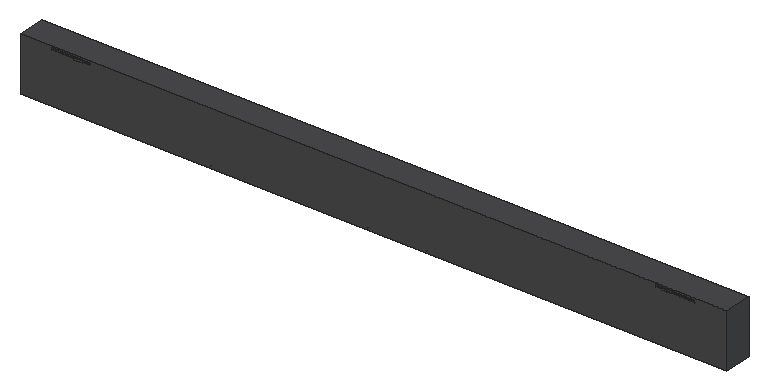
Revit family "DOT BLOCK CEILLING 946_DTSM40W9.1", category Luminarias, Revit 2019
Family settings
  Cota de conector redondo = Diámetro de uso
  Tipo de pieza = Normal
  Se basa en plano de trabajo = Sí
  Siempre vertical = Sí
  Corte con vacíos al cargar = No
  Origen de luz = Sí
  Compartido = No
  Punto de cálculo de habitación = No
Parameters (values of type "DOT BLOCK CEILLING 946_DTSM40W9.1.1535")
  Ángulo de inclinación = 60.00°
  Zone [instance] = ""
  Watt per fixture = 40
  Wattage = 40 W
  built-in parameter 1150107 = 3000 (stored number, unit not read)
  built-in parameter 1150110 = 1 (stored number, unit not read)
  built-in parameter 1150109 = 1 (stored number, unit not read)
  built-in parameter 1150112 = 1 (stored number, unit not read)
  built-in parameter 1150113 = 1 (stored number, unit not read)
  built-in parameter 1114218 = 1 (stored number, unit not read)
  Keynote = ""
  built-in parameter 1150137 = (empty or 0)
  built-in parameter 1150132 = (empty or 0)
  Modelo = "DTSM40W9.1.1535"
  Lámpara = "3030SMD PHILIPS"
  built-in parameter 1150105 = 257.83 (stored number, unit not read)
  built-in parameter 1150102 = (empty or 0)
  built-in parameter 1150106 = 2.5783 (stored number, unit not read)
  Lumens = 3240 lm
  Color Filter = 16777215
  built-in parameter 1114217 = 1 (stored number, unit not read)
  built-in parameter 1150139 = (empty or 0)
  Fabricante = "BRILLANT"
  Default Elevation = 1219.2 mm
  built-in parameter 1150104 = 7.5251 (stored number, unit not read)
  Descripción = "LUMINARIA DOWNLIGHT EN FORMATO RECTANGULAR PARA SOBREPONER DIRECTO EN TECHO, CUERPO DE ALUMINIO ACABADO EN COLOR NEGRO, IP 20, PESO 1.98Kg, TIPO DE LED 3030SMD PHILIPS CON 40W TOTAL, 3150 LUMENES, 81LM/W, IRC 90, TEMPERATURA EN BLANCO CALIDO 3000K, 50 MIL HORAS DE VIDA PROMEDIO, APERTURA ELIPTICA DE 15X35 GRADOS POR PROYECTO, ALIMENTADO A 90-240V"
  built-in parameter 1150115 = 1 (stored number, unit not read)
  built-in parameter 1150114 = 1 (stored number, unit not read)
  Comentarios de vataje = "90-240V"
  built-in parameter 1150138 = (empty or 0)
  built-in parameter 1150134 = (empty or 0)
  Circuit [instance] = ""
  Dimming Lamp Color Temperature Shift = (empty or 0)
  Archivo de red fotométrica = "L964A-40W-830-B-15X35_IESNA95.IES"
  built-in parameter 1150133 = 10 (stored number, unit not read)
Reference planes
  plane 1 "Centro (Frontal/Posterior)": y = 0
  plane 2: z = 0
  plane 3 "Centro (Izquierda/Derecha)": x = 0
Forms (mm)
  Extrusion 1, solid, material "Default Form", not visible
    sketch origin (0, 0, 0) x (1, 0, 0) y (0, 0, 1)
      loop
        line (-473, 0) -> (-473, -72) -> (473, -72) -> (473, 0) -> (-473, 0)
    from -18.326 to 18.326
  Blend 2, void, not visible
    base sketch origin (-293.63, 0, 0) x (1, 0, 0) y (0, 1, 0)
      loop
        line (-162, 16.149) -> (-162, -16.149) -> (-144.14, -16.149) -> (-144.14, 16.149) -> (-162, 16.149)
    top sketch origin (-293.63, 0, 0) x (1, 0, 0) y (0, 1, 0)
      loop
        line (-160, 12.149) -> (-160, -12.149) -> (-146.14, -12.149) -> (-146.14, 12.149) -> (-160, 12.149)
    from -72 to -61.591
  Blend 3, void, not visible
    base sketch origin (-267.33, 0, 0) x (1, 0, 0) y (0, 1, 0)
      loop
        line (-162, 16.149) -> (-162, -16.149) -> (-144.14, -16.149) -> (-144.14, 16.149) -> (-162, 16.149)
    top sketch origin (-267.33, 0, 0) x (1, 0, 0) y (0, 1, 0)
      loop
        line (-160, 12.149) -> (-160, -12.149) -> (-146.14, -12.149) -> (-146.14, 12.149) -> (-160, 12.149)
    from -72 to -61.591
  Blend 4, void, not visible
    base sketch origin (-241.03, 0, 0) x (1, 0, 0) y (0, 1, 0)
      loop
        line (-162, 16.149) -> (-162, -16.149) -> (-144.14, -16.149) -> (-144.14, 16.149) -> (-162, 16.149)
    top sketch origin (-241.03, 0, 0) x (1, 0, 0) y (0, 1, 0)
      loop
        line (-160, 12.149) -> (-160, -12.149) -> (-146.14, -12.149) -> (-146.14, 12.149) -> (-160, 12.149)
    from -72 to -61.591
  Blend 5, void, not visible
    base sketch origin (-214.73, 0, 0) x (1, 0, 0) y (0, 1, 0)
      loop
        line (-162, 16.149) -> (-162, -16.149) -> (-144.14, -16.149) -> (-144.14, 16.149) -> (-162, 16.149)
    top sketch origin (-214.73, 0, 0) x (1, 0, 0) y (0, 1, 0)
      loop
        line (-160, 12.149) -> (-160, -12.149) -> (-146.14, -12.149) -> (-146.14, 12.149) -> (-160, 12.149)
    from -72 to -61.591
  Blend 6, void, not visible
    base sketch origin (-188.43, 0, 0) x (1, 0, 0) y (0, 1, 0)
      loop
        line (-162, 16.149) -> (-162, -16.149) -> (-144.14, -16.149) -> (-144.14, 16.149) -> (-162, 16.149)
    top sketch origin (-188.43, 0, 0) x (1, 0, 0) y (0, 1, 0)
      loop
        line (-160, 12.149) -> (-160, -12.149) -> (-146.14, -12.149) -> (-146.14, 12.149) -> (-160, 12.149)
    from -72 to -61.591
  Blend 7, void, not visible
    base sketch origin (-162.13, 0, 0) x (1, 0, 0) y (0, 1, 0)
      loop
        line (-162, 16.149) -> (-162, -16.149) -> (-144.14, -16.149) -> (-144.14, 16.149) -> (-162, 16.149)
    top sketch origin (-162.13, 0, 0) x (1, 0, 0) y (0, 1, 0)
      loop
        line (-160, 12.149) -> (-160, -12.149) -> (-146.14, -12.149) -> (-146.14, 12.149) -> (-160, 12.149)
    from -72 to -61.591
  Blend 8, void, not visible
    base sketch origin (-135.83, 0, 0) x (1, 0, 0) y (0, 1, 0)
      loop
        line (-162, 16.149) -> (-162, -16.149) -> (-144.14, -16.149) -> (-144.14, 16.149) -> (-162, 16.149)
    top sketch origin (-135.83, 0, 0) x (1, 0, 0) y (0, 1, 0)
      loop
        line (-160, 12.149) -> (-160, -12.149) -> (-146.14, -12.149) -> (-146.14, 12.149) -> (-160, 12.149)
    from -72 to -61.591
  Blend 9, void, not visible
    base sketch origin (-109.53, 0, 0) x (1, 0, 0) y (0, 1, 0)
      loop
        line (-162, 16.149) -> (-162, -16.149) -> (-144.14, -16.149) -> (-144.14, 16.149) -> (-162, 16.149)
    top sketch origin (-109.53, 0, 0) x (1, 0, 0) y (0, 1, 0)
      loop
        line (-160, 12.149) -> (-160, -12.149) -> (-146.14, -12.149) -> (-146.14, 12.149) -> (-160, 12.149)
    from -72 to -61.591
  Blend 10, void, not visible
    base sketch origin (-83.23, 0, 0) x (1, 0, 0) y (0, 1, 0)
      loop
        line (-162, 16.149) -> (-162, -16.149) -> (-144.14, -16.149) -> (-144.14, 16.149) -> (-162, 16.149)
    top sketch origin (-83.23, 0, 0) x (1, 0, 0) y (0, 1, 0)
      loop
        line (-160, 12.149) -> (-160, -12.149) -> (-146.14, -12.149) -> (-146.14, 12.149) -> (-160, 12.149)
    from -72 to -61.591
  Blend 11, void, not visible
    base sketch origin (-56.93, 0, 0) x (1, 0, 0) y (0, 1, 0)
      loop
        line (-162, 16.149) -> (-162, -16.149) -> (-144.14, -16.149) -> (-144.14, 16.149) -> (-162, 16.149)
    top sketch origin (-56.93, 0, 0) x (1, 0, 0) y (0, 1, 0)
      loop
        line (-160, 12.149) -> (-160, -12.149) -> (-146.14, -12.149) -> (-146.14, 12.149) -> (-160, 12.149)
    from -72 to -61.591
  Blend 12, void, not visible
    base sketch origin (-30.63, 0, 0) x (1, 0, 0) y (0, 1, 0)
      loop
        line (-162, 16.149) -> (-162, -16.149) -> (-144.14, -16.149) -> (-144.14, 16.149) -> (-162, 16.149)
    top sketch origin (-30.63, 0, 0) x (1, 0, 0) y (0, 1, 0)
      loop
        line (-160, 12.149) -> (-160, -12.149) -> (-146.14, -12.149) -> (-146.14, 12.149) -> (-160, 12.149)
    from -72 to -61.591
  Blend 13, void, not visible
    base sketch origin (-4.33, 0, 0) x (1, 0, 0) y (0, 1, 0)
      loop
        line (-162, 16.149) -> (-162, -16.149) -> (-144.14, -16.149) -> (-144.14, 16.149) -> (-162, 16.149)
    top sketch origin (-4.33, 0, 0) x (1, 0, 0) y (0, 1, 0)
      loop
        line (-160, 12.149) -> (-160, -12.149) -> (-146.14, -12.149) -> (-146.14, 12.149) -> (-160, 12.149)
    from -72 to -61.591
  Blend 14, void, not visible
    base sketch origin (21.97, 0, 0) x (1, 0, 0) y (0, 1, 0)
      loop
        line (-162, 16.149) -> (-162, -16.149) -> (-144.14, -16.149) -> (-144.14, 16.149) -> (-162, 16.149)
    top sketch origin (21.97, 0, 0) x (1, 0, 0) y (0, 1, 0)
      loop
        line (-160, 12.149) -> (-160, -12.149) -> (-146.14, -12.149) -> (-146.14, 12.149) -> (-160, 12.149)
    from -72 to -61.591
  Blend 15, void, not visible
    base sketch origin (48.27, 0, 0) x (1, 0, 0) y (0, 1, 0)
      loop
        line (-162, 16.149) -> (-162, -16.149) -> (-144.14, -16.149) -> (-144.14, 16.149) -> (-162, 16.149)
    top sketch origin (48.27, 0, 0) x (1, 0, 0) y (0, 1, 0)
      loop
        line (-160, 12.149) -> (-160, -12.149) -> (-146.14, -12.149) -> (-146.14, 12.149) -> (-160, 12.149)
    from -72 to -61.591
  Blend 16, void, not visible
    base sketch origin (74.57, 0, 0) x (1, 0, 0) y (0, 1, 0)
      loop
        line (-162, 16.149) -> (-162, -16.149) -> (-144.14, -16.149) -> (-144.14, 16.149) -> (-162, 16.149)
    top sketch origin (74.57, 0, 0) x (1, 0, 0) y (0, 1, 0)
      loop
        line (-160, 12.149) -> (-160, -12.149) -> (-146.14, -12.149) -> (-146.14, 12.149) -> (-160, 12.149)
    from -72 to -61.591
  Blend 17, void, not visible
    base sketch origin (100.87, 0, 0) x (1, 0, 0) y (0, 1, 0)
      loop
        line (-162, 16.149) -> (-162, -16.149) -> (-144.14, -16.149) -> (-144.14, 16.149) -> (-162, 16.149)
    top sketch origin (100.87, 0, 0) x (1, 0, 0) y (0, 1, 0)
      loop
        line (-160, 12.149) -> (-160, -12.149) -> (-146.14, -12.149) -> (-146.14, 12.149) -> (-160, 12.149)
    from -72 to -61.591
  Blend 18, void, not visible
    base sketch origin (127.17, 0, 0) x (1, 0, 0) y (0, 1, 0)
      loop
        line (-162, 16.149) -> (-162, -16.149) -> (-144.14, -16.149) -> (-144.14, 16.149) -> (-162, 16.149)
    top sketch origin (127.17, 0, 0) x (1, 0, 0) y (0, 1, 0)
      loop
        line (-160, 12.149) -> (-160, -12.149) -> (-146.14, -12.149) -> (-146.14, 12.149) -> (-160, 12.149)
    from -72 to -61.591
  Blend 19, void, not visible
    base sketch origin (153.47, 0, 0) x (1, 0, 0) y (0, 1, 0)
      loop
        line (-162, 16.149) -> (-162, -16.149) -> (-144.14, -16.149) -> (-144.14, 16.149) -> (-162, 16.149)
    top sketch origin (153.47, 0, 0) x (1, 0, 0) y (0, 1, 0)
      loop
        line (-160, 12.149) -> (-160, -12.149) -> (-146.14, -12.149) -> (-146.14, 12.149) -> (-160, 12.149)
    from -72 to -61.591
  Blend 20, void, not visible
    base sketch origin (179.77, 0, 0) x (1, 0, 0) y (0, 1, 0)
      loop
        line (-162, 16.149) -> (-162, -16.149) -> (-144.14, -16.149) -> (-144.14, 16.149) -> (-162, 16.149)
    top sketch origin (179.77, 0, 0) x (1, 0, 0) y (0, 1, 0)
      loop
        line (-160, 12.149) -> (-160, -12.149) -> (-146.14, -12.149) -> (-146.14, 12.149) -> (-160, 12.149)
    from -72 to -61.591
  Blend 21, void, not visible
    base sketch origin (206.07, 0, 0) x (1, 0, 0) y (0, 1, 0)
      loop
        line (-162, 16.149) -> (-162, -16.149) -> (-144.14, -16.149) -> (-144.14, 16.149) -> (-162, 16.149)
    top sketch origin (206.07, 0, 0) x (1, 0, 0) y (0, 1, 0)
      loop
        line (-160, 12.149) -> (-160, -12.149) -> (-146.14, -12.149) -> (-146.14, 12.149) -> (-160, 12.149)
    from -72 to -61.591
  Blend 22, void, not visible
    base sketch origin (232.37, 0, 0) x (1, 0, 0) y (0, 1, 0)
      loop
        line (-162, 16.149) -> (-162, -16.149) -> (-144.14, -16.149) -> (-144.14, 16.149) -> (-162, 16.149)
    top sketch origin (232.37, 0, 0) x (1, 0, 0) y (0, 1, 0)
      loop
        line (-160, 12.149) -> (-160, -12.149) -> (-146.14, -12.149) -> (-146.14, 12.149) -> (-160, 12.149)
    from -72 to -61.591
  Blend 23, void, not visible
    base sketch origin (258.67, 0, 0) x (1, 0, 0) y (0, 1, 0)
      loop
        line (-162, 16.149) -> (-162, -16.149) -> (-144.14, -16.149) -> (-144.14, 16.149) -> (-162, 16.149)
    top sketch origin (258.67, 0, 0) x (1, 0, 0) y (0, 1, 0)
      loop
        line (-160, 12.149) -> (-160, -12.149) -> (-146.14, -12.149) -> (-146.14, 12.149) -> (-160, 12.149)
    from -72 to -61.591
  Blend 24, void, not visible
    base sketch origin (284.97, 0, 0) x (1, 0, 0) y (0, 1, 0)
      loop
        line (-162, 16.149) -> (-162, -16.149) -> (-144.14, -16.149) -> (-144.14, 16.149) -> (-162, 16.149)
    top sketch origin (284.97, 0, 0) x (1, 0, 0) y (0, 1, 0)
      loop
        line (-160, 12.149) -> (-160, -12.149) -> (-146.14, -12.149) -> (-146.14, 12.149) -> (-160, 12.149)
    from -72 to -61.591
  Blend 25, void, not visible
    base sketch origin (311.27, 0, 0) x (1, 0, 0) y (0, 1, 0)
      loop
        line (-162, 16.149) -> (-162, -16.149) -> (-144.14, -16.149) -> (-144.14, 16.149) -> (-162, 16.149)
    top sketch origin (311.27, 0, 0) x (1, 0, 0) y (0, 1, 0)
      loop
        line (-160, 12.149) -> (-160, -12.149) -> (-146.14, -12.149) -> (-146.14, 12.149) -> (-160, 12.149)
    from -72 to -61.591
  Blend 26, void, not visible
    base sketch origin (337.57, 0, 0) x (1, 0, 0) y (0, 1, 0)
      loop
        line (-162, 16.149) -> (-162, -16.149) -> (-144.14, -16.149) -> (-144.14, 16.149) -> (-162, 16.149)
    top sketch origin (337.57, 0, 0) x (1, 0, 0) y (0, 1, 0)
      loop
        line (-160, 12.149) -> (-160, -12.149) -> (-146.14, -12.149) -> (-146.14, 12.149) -> (-160, 12.149)
    from -72 to -61.591
  Blend 27, void, not visible
    base sketch origin (363.87, 0, 0) x (1, 0, 0) y (0, 1, 0)
      loop
        line (-162, 16.149) -> (-162, -16.149) -> (-144.14, -16.149) -> (-144.14, 16.149) -> (-162, 16.149)
    top sketch origin (363.87, 0, 0) x (1, 0, 0) y (0, 1, 0)
      loop
        line (-160, 12.149) -> (-160, -12.149) -> (-146.14, -12.149) -> (-146.14, 12.149) -> (-160, 12.149)
    from -72 to -61.591
  Blend 28, void, not visible
    base sketch origin (390.17, 0, 0) x (1, 0, 0) y (0, 1, 0)
      loop
        line (-162, 16.149) -> (-162, -16.149) -> (-144.14, -16.149) -> (-144.14, 16.149) -> (-162, 16.149)
    top sketch origin (390.17, 0, 0) x (1, 0, 0) y (0, 1, 0)
      loop
        line (-160, 12.149) -> (-160, -12.149) -> (-146.14, -12.149) -> (-146.14, 12.149) -> (-160, 12.149)
    from -72 to -61.591
  Blend 29, void, not visible
    base sketch origin (416.47, 0, 0) x (1, 0, 0) y (0, 1, 0)
      loop
        line (-162, 16.149) -> (-162, -16.149) -> (-144.14, -16.149) -> (-144.14, 16.149) -> (-162, 16.149)
    top sketch origin (416.47, 0, 0) x (1, 0, 0) y (0, 1, 0)
      loop
        line (-160, 12.149) -> (-160, -12.149) -> (-146.14, -12.149) -> (-146.14, 12.149) -> (-160, 12.149)
    from -72 to -61.591
  Blend 30, void, not visible
    base sketch origin (442.77, 0, 0) x (1, 0, 0) y (0, 1, 0)
      loop
        line (-162, 16.149) -> (-162, -16.149) -> (-144.14, -16.149) -> (-144.14, 16.149) -> (-162, 16.149)
    top sketch origin (442.77, 0, 0) x (1, 0, 0) y (0, 1, 0)
      loop
        line (-160, 12.149) -> (-160, -12.149) -> (-146.14, -12.149) -> (-146.14, 12.149) -> (-160, 12.149)
    from -72 to -61.591
  Blend 31, void, not visible
    base sketch origin (469.07, 0, 0) x (1, 0, 0) y (0, 1, 0)
      loop
        line (-162, 16.149) -> (-162, -16.149) -> (-144.14, -16.149) -> (-144.14, 16.149) -> (-162, 16.149)
    top sketch origin (469.07, 0, 0) x (1, 0, 0) y (0, 1, 0)
      loop
        line (-160, 12.149) -> (-160, -12.149) -> (-146.14, -12.149) -> (-146.14, 12.149) -> (-160, 12.149)
    from -72 to -61.591
  Blend 32, void, not visible
    base sketch origin (495.37, 0, 0) x (1, 0, 0) y (0, 1, 0)
      loop
        line (-162, 16.149) -> (-162, -16.149) -> (-144.14, -16.149) -> (-144.14, 16.149) -> (-162, 16.149)
    top sketch origin (495.37, 0, 0) x (1, 0, 0) y (0, 1, 0)
      loop
        line (-160, 12.149) -> (-160, -12.149) -> (-146.14, -12.149) -> (-146.14, 12.149) -> (-160, 12.149)
    from -72 to -61.591
  Blend 33, void, not visible
    base sketch origin (521.67, 0, 0) x (1, 0, 0) y (0, 1, 0)
      loop
        line (-162, 16.149) -> (-162, -16.149) -> (-144.14, -16.149) -> (-144.14, 16.149) -> (-162, 16.149)
    top sketch origin (521.67, 0, 0) x (1, 0, 0) y (0, 1, 0)
      loop
        line (-160, 12.149) -> (-160, -12.149) -> (-146.14, -12.149) -> (-146.14, 12.149) -> (-160, 12.149)
    from -72 to -61.591
  Blend 34, void, not visible
    base sketch origin (547.97, 0, 0) x (1, 0, 0) y (0, 1, 0)
      loop
        line (-162, 16.149) -> (-162, -16.149) -> (-144.14, -16.149) -> (-144.14, 16.149) -> (-162, 16.149)
    top sketch origin (547.97, 0, 0) x (1, 0, 0) y (0, 1, 0)
      loop
        line (-160, 12.149) -> (-160, -12.149) -> (-146.14, -12.149) -> (-146.14, 12.149) -> (-160, 12.149)
    from -72 to -61.591
  Blend 35, void, not visible
    base sketch origin (574.27, 0, 0) x (1, 0, 0) y (0, 1, 0)
      loop
        line (-162, 16.149) -> (-162, -16.149) -> (-144.14, -16.149) -> (-144.14, 16.149) -> (-162, 16.149)
    top sketch origin (574.27, 0, 0) x (1, 0, 0) y (0, 1, 0)
      loop
        line (-160, 12.149) -> (-160, -12.149) -> (-146.14, -12.149) -> (-146.14, 12.149) -> (-160, 12.149)
    from -72 to -61.591
  Blend 36, void, not visible
    base sketch origin (600.57, 0, 0) x (1, 0, 0) y (0, 1, 0)
      loop
        line (-162, 16.149) -> (-162, -16.149) -> (-144.14, -16.149) -> (-144.14, 16.149) -> (-162, 16.149)
    top sketch origin (600.57, 0, 0) x (1, 0, 0) y (0, 1, 0)
      loop
        line (-160, 12.149) -> (-160, -12.149) -> (-146.14, -12.149) -> (-146.14, 12.149) -> (-160, 12.149)
    from -72 to -61.591
  Extrusion 37, solid, not visible
    sketch origin (-463.861, 0, 3.217) x (0, -1, 0) y (0, 0, -1)
      loop
        line (18.326, 3.217) -> (-18.326, 3.217) -> (-18.326, 73.917) -> (-32.183, 73.917) -> (-32.183, 72.617) -> (-19.626, 72.617) -> (-19.626, 1.917) -> (19.626, 1.917) -> (19.626, 72.617) -> (32.183, 72.617) -> (32.183, 73.917) -> (18.326, 73.917) -> (18.326, 3.217)
    from 89.098 to 128.24
  Extrusion 38, solid, not visible
    sketch origin (-246.523, 0, 3.217) x (0, -1, 0) y (0, 0, 1)
      loop
        line (-19.626, -1.917) -> (19.626, -1.917) -> (19.626, -63.89) -> (20.426, -63.89) -> (20.426, -1.117) -> (-20.426, -1.117) -> (-20.426, -63.89) -> (-19.626, -63.89) -> (-19.626, -1.917)
    from 122.954 to 124.098
  Extrusion 39, solid, not visible
    sketch origin (-463.861, 0, 3.217) x (0, -1, 0) y (0, 0, -1)
      loop
        line (-19.626, 1.917) -> (-19.626, 63.89) -> (-20.426, 63.89) -> (-20.426, 1.117) -> (20.426, 1.117) -> (20.426, 63.89) -> (19.626, 63.89) -> (19.626, 1.917) -> (-19.626, 1.917)
    from 122.954 to 124.098
  Extrusion 40, void, not visible
    sketch origin (0, 0, 0) x (1, 0, 0) y (0, 1, 0)
      loop
        circle (-363.799, -25.904) r 2.055
      loop
        circle (-346.585, -25.904) r 2.055
      loop
        circle (-363.799, 25.904) r 2.055
      loop
        circle (-346.585, 25.904) r 2.055
    from -70.7 to -69.4
  Blend 41, void
    base sketch origin (74.57, 130.851, 72) x (1, 0, 0) y (0, 1, 0)
      loop
        line (-162, -147) -> (-144.14, -147) -> (-144.14, -114.702) -> (-162, -114.702) -> (-162, -147)
    top sketch origin (74.57, 130.851, 72) x (1, 0, 0) y (0, 1, 0)
      loop
        line (-160, -143) -> (-146.14, -143) -> (-146.14, -118.702) -> (-160, -118.702) -> (-160, -143)
    from -72 to -61.591
  Blend 42, void
    base sketch origin (100.87, 130.851, 72) x (1, 0, 0) y (0, 1, 0)
      loop
        line (-162, -147) -> (-144.14, -147) -> (-144.14, -114.702) -> (-162, -114.702) -> (-162, -147)
    top sketch origin (100.87, 130.851, 72) x (1, 0, 0) y (0, 1, 0)
      loop
        line (-160, -143) -> (-146.14, -143) -> (-146.14, -118.702) -> (-160, -118.702) -> (-160, -143)
    from -72 to -61.591
  Blend 43, void
    base sketch origin (127.17, 130.851, 72) x (1, 0, 0) y (0, 1, 0)
      loop
        line (-162, -147) -> (-144.14, -147) -> (-144.14, -114.702) -> (-162, -114.702) -> (-162, -147)
    top sketch origin (127.17, 130.851, 72) x (1, 0, 0) y (0, 1, 0)
      loop
        line (-160, -143) -> (-146.14, -143) -> (-146.14, -118.702) -> (-160, -118.702) -> (-160, -143)
    from -72 to -61.591
  Blend 44, void
    base sketch origin (153.47, 130.851, 72) x (1, 0, 0) y (0, 1, 0)
      loop
        line (-162, -147) -> (-144.14, -147) -> (-144.14, -114.702) -> (-162, -114.702) -> (-162, -147)
    top sketch origin (153.47, 130.851, 72) x (1, 0, 0) y (0, 1, 0)
      loop
        line (-160, -143) -> (-146.14, -143) -> (-146.14, -118.702) -> (-160, -118.702) -> (-160, -143)
    from -72 to -61.591
  Blend 45, void
    base sketch origin (179.77, 130.851, 72) x (1, 0, 0) y (0, 1, 0)
      loop
        line (-162, -147) -> (-144.14, -147) -> (-144.14, -114.702) -> (-162, -114.702) -> (-162, -147)
    top sketch origin (179.77, 130.851, 72) x (1, 0, 0) y (0, 1, 0)
      loop
        line (-160, -143) -> (-146.14, -143) -> (-146.14, -118.702) -> (-160, -118.702) -> (-160, -143)
    from -72 to -61.591
  Blend 46, void
    base sketch origin (206.07, 130.851, 72) x (1, 0, 0) y (0, 1, 0)
      loop
        line (-162, -147) -> (-144.14, -147) -> (-144.14, -114.702) -> (-162, -114.702) -> (-162, -147)
    top sketch origin (206.07, 130.851, 72) x (1, 0, 0) y (0, 1, 0)
      loop
        line (-160, -143) -> (-146.14, -143) -> (-146.14, -118.702) -> (-160, -118.702) -> (-160, -143)
    from -72 to -61.591
  Blend 47, void
    base sketch origin (232.37, 130.851, 72) x (1, 0, 0) y (0, 1, 0)
      loop
        line (-162, -147) -> (-144.14, -147) -> (-144.14, -114.702) -> (-162, -114.702) -> (-162, -147)
    top sketch origin (232.37, 130.851, 72) x (1, 0, 0) y (0, 1, 0)
      loop
        line (-160, -143) -> (-146.14, -143) -> (-146.14, -118.702) -> (-160, -118.702) -> (-160, -143)
    from -72 to -61.591
  Extrusion 48, solid, material "Default Form"
    sketch origin (0, 0, 72) x (1, 0, 0) y (0, 0, -1)
      loop
        line (-473, 0) -> (473, 0) -> (473, 72) -> (-473, 72) -> (-473, 0)
    from -18.326 to 18.326
  Blend 49, void
    base sketch origin (258.67, 130.851, 72) x (1, 0, 0) y (0, 1, 0)
      loop
        line (-162, -147) -> (-144.14, -147) -> (-144.14, -114.702) -> (-162, -114.702) -> (-162, -147)
    top sketch origin (258.67, 130.851, 72) x (1, 0, 0) y (0, 1, 0)
      loop
        line (-160, -143) -> (-146.14, -143) -> (-146.14, -118.702) -> (-160, -118.702) -> (-160, -143)
    from -72 to -61.591
  Blend 50, void
    base sketch origin (284.97, 130.851, 72) x (1, 0, 0) y (0, 1, 0)
      loop
        line (-162, -147) -> (-144.14, -147) -> (-144.14, -114.702) -> (-162, -114.702) -> (-162, -147)
    top sketch origin (284.97, 130.851, 72) x (1, 0, 0) y (0, 1, 0)
      loop
        line (-160, -143) -> (-146.14, -143) -> (-146.14, -118.702) -> (-160, -118.702) -> (-160, -143)
    from -72 to -61.591
  Blend 51, void
    base sketch origin (21.97, 130.851, 72) x (1, 0, 0) y (0, 1, 0)
      loop
        line (-162, -147) -> (-144.14, -147) -> (-144.14, -114.702) -> (-162, -114.702) -> (-162, -147)
    top sketch origin (21.97, 130.851, 72) x (1, 0, 0) y (0, 1, 0)
      loop
        line (-160, -143) -> (-146.14, -143) -> (-146.14, -118.702) -> (-160, -118.702) -> (-160, -143)
    from -72 to -61.591
  Blend 52, void
    base sketch origin (48.27, 130.851, 72) x (1, 0, 0) y (0, 1, 0)
      loop
        line (-162, -147) -> (-144.14, -147) -> (-144.14, -114.702) -> (-162, -114.702) -> (-162, -147)
    top sketch origin (48.27, 130.851, 72) x (1, 0, 0) y (0, 1, 0)
      loop
        line (-160, -143) -> (-146.14, -143) -> (-146.14, -118.702) -> (-160, -118.702) -> (-160, -143)
    from -72 to -61.591
  Extrusion 53, void
    sketch origin (-308.75, 0, 0) x (1, 0, 0) y (0, 1, 0)
      loop
        line (-122.17, -18.326) -> (-69.57, -18.326) -> (-69.57, -16.149) -> (-122.17, -16.149) -> (-122.17, -18.326)
      loop
        line (-122.17, 18.326) -> (-122.17, 16.149) -> (-69.57, 16.149) -> (-69.57, 18.326) -> (-122.17, 18.326)
    from 66.852 to 70.535
  Extrusion 54, solid, material "Default Form"
    sketch origin (-25, 0, 0) x (1, 0, 0) y (0, 1, 0)
      loop
        line (-362.305, -16.149) -> (-363.639, -16.149) -> (-363.639, -18.326) -> (-374.139, -18.326) -> (-374.139, -20.238) -> (-362.305, -20.238) -> (-362.305, -16.149)
      loop
        line (-362.305, 16.149) -> (-362.305, 20.238) -> (-374.139, 20.238) -> (-374.139, 18.326) -> (-363.639, 18.326) -> (-363.639, 16.149) -> (-362.305, 16.149)
      loop
        line (412.305, -16.149) -> (412.305, -20.238) -> (424.139, -20.238) -> (424.139, -18.326) -> (413.639, -18.326) -> (413.639, -16.149) -> (412.305, -16.149)
      loop
        line (412.305, 16.149) -> (413.639, 16.149) -> (413.639, 18.326) -> (424.139, 18.326) -> (424.139, 20.238) -> (412.305, 20.238) -> (412.305, 16.149)
    from 67.466 to 69.773
  Extrusion 55, void
    sketch origin (308.75, 0, 0) x (-1, 0, 0) y (0, -1, 0)
      loop
        line (-122.17, 18.326) -> (-122.17, 16.149) -> (-69.57, 16.149) -> (-69.57, 18.326) -> (-122.17, 18.326)
      loop
        line (-122.17, -18.326) -> (-69.57, -18.326) -> (-69.57, -16.149) -> (-122.17, -16.149) -> (-122.17, -18.326)
    from 66.852 to 70.535
  Blend 56, void
    base sketch origin (-56.93, 130.851, 72) x (1, 0, 0) y (0, 1, 0)
      loop
        line (-162, -147) -> (-144.14, -147) -> (-144.14, -114.702) -> (-162, -114.702) -> (-162, -147)
    top sketch origin (-56.93, 130.851, 72) x (1, 0, 0) y (0, 1, 0)
      loop
        line (-160, -143) -> (-146.14, -143) -> (-146.14, -118.702) -> (-160, -118.702) -> (-160, -143)
    from -72 to -61.591
  Blend 57, void
    base sketch origin (-30.63, 130.851, 72) x (1, 0, 0) y (0, 1, 0)
      loop
        line (-162, -147) -> (-144.14, -147) -> (-144.14, -114.702) -> (-162, -114.702) -> (-162, -147)
    top sketch origin (-30.63, 130.851, 72) x (1, 0, 0) y (0, 1, 0)
      loop
        line (-160, -143) -> (-146.14, -143) -> (-146.14, -118.702) -> (-160, -118.702) -> (-160, -143)
    from -72 to -61.591
  Blend 58, void
    base sketch origin (-4.33, 130.851, 72) x (1, 0, 0) y (0, 1, 0)
      loop
        line (-162, -147) -> (-144.14, -147) -> (-144.14, -114.702) -> (-162, -114.702) -> (-162, -147)
    top sketch origin (-4.33, 130.851, 72) x (1, 0, 0) y (0, 1, 0)
      loop
        line (-160, -143) -> (-146.14, -143) -> (-146.14, -118.702) -> (-160, -118.702) -> (-160, -143)
    from -72 to -61.591
  Blend 59, void
    base sketch origin (-109.53, 130.851, 72) x (1, 0, 0) y (0, 1, 0)
      loop
        line (-162, -147) -> (-144.14, -147) -> (-144.14, -114.702) -> (-162, -114.702) -> (-162, -147)
    top sketch origin (-109.53, 130.851, 72) x (1, 0, 0) y (0, 1, 0)
      loop
        line (-160, -143) -> (-146.14, -143) -> (-146.14, -118.702) -> (-160, -118.702) -> (-160, -143)
    from -72 to -61.591
  Blend 60, void
    base sketch origin (-83.23, 130.851, 72) x (1, 0, 0) y (0, 1, 0)
      loop
        line (-162, -147) -> (-144.14, -147) -> (-144.14, -114.702) -> (-162, -114.702) -> (-162, -147)
    top sketch origin (-83.23, 130.851, 72) x (1, 0, 0) y (0, 1, 0)
      loop
        line (-160, -143) -> (-146.14, -143) -> (-146.14, -118.702) -> (-160, -118.702) -> (-160, -143)
    from -72 to -61.591
  Blend 61, void
    base sketch origin (-135.83, 130.851, 72) x (1, 0, 0) y (0, 1, 0)
      loop
        line (-162, -147) -> (-144.14, -147) -> (-144.14, -114.702) -> (-162, -114.702) -> (-162, -147)
    top sketch origin (-135.83, 130.851, 72) x (1, 0, 0) y (0, 1, 0)
      loop
        line (-160, -143) -> (-146.14, -143) -> (-146.14, -118.702) -> (-160, -118.702) -> (-160, -143)
    from -72 to -61.591
  Blend 62, void
    base sketch origin (-188.43, 130.851, 72) x (1, 0, 0) y (0, 1, 0)
      loop
        line (-162, -147) -> (-144.14, -147) -> (-144.14, -114.702) -> (-162, -114.702) -> (-162, -147)
    top sketch origin (-188.43, 130.851, 72) x (1, 0, 0) y (0, 1, 0)
      loop
        line (-160, -143) -> (-146.14, -143) -> (-146.14, -118.702) -> (-160, -118.702) -> (-160, -143)
    from -72 to -61.591
  Blend 63, void
    base sketch origin (-162.13, 130.851, 72) x (1, 0, 0) y (0, 1, 0)
      loop
        line (-162, -147) -> (-144.14, -147) -> (-144.14, -114.702) -> (-162, -114.702) -> (-162, -147)
    top sketch origin (-162.13, 130.851, 72) x (1, 0, 0) y (0, 1, 0)
      loop
        line (-160, -143) -> (-146.14, -143) -> (-146.14, -118.702) -> (-160, -118.702) -> (-160, -143)
    from -72 to -61.591
  Blend 64, void
    base sketch origin (311.27, 130.851, 72) x (1, 0, 0) y (0, 1, 0)
      loop
        line (-162, -147) -> (-144.14, -147) -> (-144.14, -114.702) -> (-162, -114.702) -> (-162, -147)
    top sketch origin (311.27, 130.851, 72) x (1, 0, 0) y (0, 1, 0)
      loop
        line (-160, -143) -> (-146.14, -143) -> (-146.14, -118.702) -> (-160, -118.702) -> (-160, -143)
    from -72 to -61.591
  Blend 65, void
    base sketch origin (337.57, 130.851, 72) x (1, 0, 0) y (0, 1, 0)
      loop
        line (-162, -147) -> (-144.14, -147) -> (-144.14, -114.702) -> (-162, -114.702) -> (-162, -147)
    top sketch origin (337.57, 130.851, 72) x (1, 0, 0) y (0, 1, 0)
      loop
        line (-160, -143) -> (-146.14, -143) -> (-146.14, -118.702) -> (-160, -118.702) -> (-160, -143)
    from -72 to -61.591
  Blend 66, void
    base sketch origin (363.87, 130.851, 72) x (1, 0, 0) y (0, 1, 0)
      loop
        line (-162, -147) -> (-144.14, -147) -> (-144.14, -114.702) -> (-162, -114.702) -> (-162, -147)
    top sketch origin (363.87, 130.851, 72) x (1, 0, 0) y (0, 1, 0)
      loop
        line (-160, -143) -> (-146.14, -143) -> (-146.14, -118.702) -> (-160, -118.702) -> (-160, -143)
    from -72 to -61.591
  Blend 67, void
    base sketch origin (390.17, 130.851, 72) x (1, 0, 0) y (0, 1, 0)
      loop
        line (-162, -147) -> (-144.14, -147) -> (-144.14, -114.702) -> (-162, -114.702) -> (-162, -147)
    top sketch origin (390.17, 130.851, 72) x (1, 0, 0) y (0, 1, 0)
      loop
        line (-160, -143) -> (-146.14, -143) -> (-146.14, -118.702) -> (-160, -118.702) -> (-160, -143)
    from -72 to -61.591
  Blend 68, void
    base sketch origin (416.47, 130.851, 72) x (1, 0, 0) y (0, 1, 0)
      loop
        line (-162, -147) -> (-144.14, -147) -> (-144.14, -114.702) -> (-162, -114.702) -> (-162, -147)
    top sketch origin (416.47, 130.851, 72) x (1, 0, 0) y (0, 1, 0)
      loop
        line (-160, -143) -> (-146.14, -143) -> (-146.14, -118.702) -> (-160, -118.702) -> (-160, -143)
    from -72 to -61.591
  Blend 69, void
    base sketch origin (442.77, 130.851, 72) x (1, 0, 0) y (0, 1, 0)
      loop
        line (-162, -147) -> (-144.14, -147) -> (-144.14, -114.702) -> (-162, -114.702) -> (-162, -147)
    top sketch origin (442.77, 130.851, 72) x (1, 0, 0) y (0, 1, 0)
      loop
        line (-160, -143) -> (-146.14, -143) -> (-146.14, -118.702) -> (-160, -118.702) -> (-160, -143)
    from -72 to -61.591
  Blend 70, void
    base sketch origin (469.07, 130.851, 72) x (1, 0, 0) y (0, 1, 0)
      loop
        line (-162, -147) -> (-144.14, -147) -> (-144.14, -114.702) -> (-162, -114.702) -> (-162, -147)
    top sketch origin (469.07, 130.851, 72) x (1, 0, 0) y (0, 1, 0)
      loop
        line (-160, -143) -> (-146.14, -143) -> (-146.14, -118.702) -> (-160, -118.702) -> (-160, -143)
    from -72 to -61.591
  Blend 71, void
    base sketch origin (495.37, 130.851, 72) x (1, 0, 0) y (0, 1, 0)
      loop
        line (-162, -147) -> (-144.14, -147) -> (-144.14, -114.702) -> (-162, -114.702) -> (-162, -147)
    top sketch origin (495.37, 130.851, 72) x (1, 0, 0) y (0, 1, 0)
      loop
        line (-160, -143) -> (-146.14, -143) -> (-146.14, -118.702) -> (-160, -118.702) -> (-160, -143)
    from -72 to -61.591
  Blend 72, void
    base sketch origin (-214.73, 130.851, 72) x (1, 0, 0) y (0, 1, 0)
      loop
        line (-162, -147) -> (-144.14, -147) -> (-144.14, -114.702) -> (-162, -114.702) -> (-162, -147)
    top sketch origin (-214.73, 130.851, 72) x (1, 0, 0) y (0, 1, 0)
      loop
        line (-160, -143) -> (-146.14, -143) -> (-146.14, -118.702) -> (-160, -118.702) -> (-160, -143)
    from -72 to -61.591
  Blend 73, void
    base sketch origin (-267.33, 130.851, 72) x (1, 0, 0) y (0, 1, 0)
      loop
        line (-162, -147) -> (-144.14, -147) -> (-144.14, -114.702) -> (-162, -114.702) -> (-162, -147)
    top sketch origin (-267.33, 130.851, 72) x (1, 0, 0) y (0, 1, 0)
      loop
        line (-160, -143) -> (-146.14, -143) -> (-146.14, -118.702) -> (-160, -118.702) -> (-160, -143)
    from -72 to -61.591
  Blend 74, void
    base sketch origin (-241.03, 130.851, 72) x (1, 0, 0) y (0, 1, 0)
      loop
        line (-162, -147) -> (-144.14, -147) -> (-144.14, -114.702) -> (-162, -114.702) -> (-162, -147)
    top sketch origin (-241.03, 130.851, 72) x (1, 0, 0) y (0, 1, 0)
      loop
        line (-160, -143) -> (-146.14, -143) -> (-146.14, -118.702) -> (-160, -118.702) -> (-160, -143)
    from -72 to -61.591
  Blend 75, void
    base sketch origin (-293.63, 130.851, 72) x (1, 0, 0) y (0, 1, 0)
      loop
        line (-162, -147) -> (-144.14, -147) -> (-144.14, -114.702) -> (-162, -114.702) -> (-162, -147)
    top sketch origin (-293.63, 130.851, 72) x (1, 0, 0) y (0, 1, 0)
      loop
        line (-160, -143) -> (-146.14, -143) -> (-146.14, -118.702) -> (-160, -118.702) -> (-160, -143)
    from -72 to -61.591
  Blend 76, void
    base sketch origin (521.67, 130.851, 72) x (1, 0, 0) y (0, 1, 0)
      loop
        line (-162, -147) -> (-144.14, -147) -> (-144.14, -114.702) -> (-162, -114.702) -> (-162, -147)
    top sketch origin (521.67, 130.851, 72) x (1, 0, 0) y (0, 1, 0)
      loop
        line (-160, -143) -> (-146.14, -143) -> (-146.14, -118.702) -> (-160, -118.702) -> (-160, -143)
    from -72 to -61.591
  Blend 77, void
    base sketch origin (547.97, 130.851, 72) x (1, 0, 0) y (0, 1, 0)
      loop
        line (-162, -147) -> (-144.14, -147) -> (-144.14, -114.702) -> (-162, -114.702) -> (-162, -147)
    top sketch origin (547.97, 130.851, 72) x (1, 0, 0) y (0, 1, 0)
      loop
        line (-160, -143) -> (-146.14, -143) -> (-146.14, -118.702) -> (-160, -118.702) -> (-160, -143)
    from -72 to -61.591
  Blend 78, void
    base sketch origin (574.27, 130.851, 72) x (1, 0, 0) y (0, 1, 0)
      loop
        line (-162, -147) -> (-144.14, -147) -> (-144.14, -114.702) -> (-162, -114.702) -> (-162, -147)
    top sketch origin (574.27, 130.851, 72) x (1, 0, 0) y (0, 1, 0)
      loop
        line (-160, -143) -> (-146.14, -143) -> (-146.14, -118.702) -> (-160, -118.702) -> (-160, -143)
    from -72 to -61.591
  Blend 79, void
    base sketch origin (600.57, 130.851, 72) x (1, 0, 0) y (0, 1, 0)
      loop
        line (-162, -147) -> (-144.14, -147) -> (-144.14, -114.702) -> (-162, -114.702) -> (-162, -147)
    top sketch origin (600.57, 130.851, 72) x (1, 0, 0) y (0, 1, 0)
      loop
        line (-160, -143) -> (-146.14, -143) -> (-146.14, -118.702) -> (-160, -118.702) -> (-160, -143)
    from -72 to -61.591
Cuts and joins
  Blend 41, Blend 42, Blend 43, Blend 44, Blend 45, Blend 46, Blend 47, Blend 49, Blend 50, Blend 51, Blend 52, Extrusion 53, Extrusion 55, Blend 56, Blend 57, Blend 58, Blend 59, Blend 60, Blend 61, Blend 62, Blend 63, Blend 64, Blend 65, Blend 66, Blend 67, Blend 68, Blend 69, Blend 70, Blend 71, Blend 72, Blend 73, Blend 74, Blend 75, Blend 76, Blend 77, Blend 78, Blend 79 cuts Extrusion 48
  Extrusion 55 cuts Extrusion 54
Dimensions and locks
  cut or joined group 1 (Blend 41, Blend 42, Blend 43, Blend 44, Blend 45, Blend 46, Blend 47, Extrusion 48, Blend 49, Blend 50, Blend 51, Blend 52, Extrusion 53, Extrusion 55, Blend 56, Blend 57, Blend 58, Blend 59, Blend 60, Blend 61, Blend 62, Blend 63, Blend 64, Blend 65, Blend 66, Blend 67, Blend 68, Blend 69, Blend 70, Blend 71, Blend 72, Blend 73, Blend 74, Blend 75, Blend 76, Blend 77, Blend 78, Blend 79) to cut or joined group 1 = 72 mm  (x2)
  cut or joined group 1 to cut or joined group 1 = 36.651 mm
  cut or joined group 1 to cut or joined group 1 = 946 mm
  cut or joined group 1 to cut or joined group 1 = 42.08 mm  (x2)
  aligned and locked: level to plane 2
Connectors
  electrical at (0, 0, 72)
    settings: on cut or joined group 1, index 1, voltage 0 V, apparent load 0 VA, apparent load phase1 0 VA, apparent load phase2 0 VA, apparent load phase3 0 VA, power factor 1, load classification "Otro", number of poles 1, system type 31, power factor state 1, is connector primary yes, connector utility no, sub classification motor no, connector description ""
